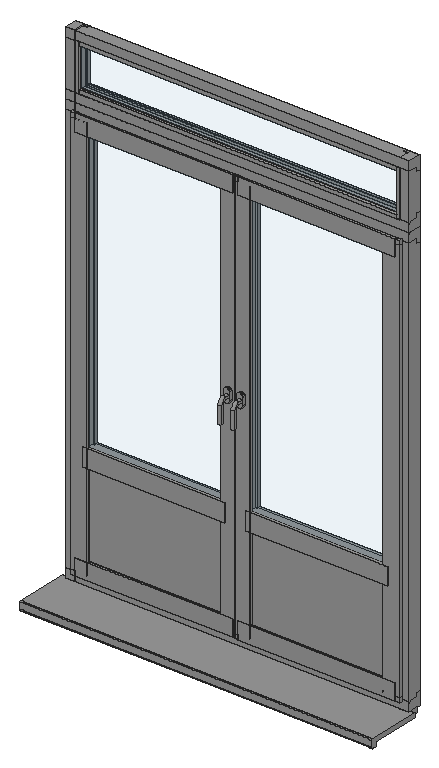
Revit family "deceuninck_balkonnaya_dver_dvustvorchataya_s_framugoi_sverhu", category Windows, host Wall, Revit 2016 (continued)
Definition of nested family "stvorka"
  Dimensions and locks
    aligned and locked: plane 1 "По центру (Вперед/Назад)" to Extrusion 11 sketch curve
    aligned and locked: Extrusion 12 sketch curve to Extrusion 11
    aligned and locked: Extrusion 12 sketch curve to plane 11
    aligned and locked: Extrusion 12 sketch curve to Extrusion 9  (x2)
    aligned and locked: Extrusion 10 to Extrusion 12 sketch curve
    aligned and locked: Extrusion 12 sketch curve to plane 12
    aligned and locked: plane 7 to Extrusion 12
    aligned and locked: plane 7 to Extrusion 11
    aligned and locked: Extrusion 13 sketch curve to Extrusion 11  (x4)
    aligned and locked: Extrusion 13 to Extrusion 10  (x2)
    aligned and locked: Extrusion 14 sketch curve to plane 1 "По центру (Вперед/Назад)"  (x2)
    aligned and locked: Extrusion 14 sketch curve to plane 11
    aligned and locked: Extrusion 14 sketch curve to plane 12
    aligned and locked: plane 7 to Extrusion 14
    aligned and locked: Extrusion 15 sketch curve to Extrusion 10
    aligned and locked: plane 7 to Extrusion 15 sketch curve
    aligned and locked: plane 2 to Extrusion 15 sketch curve
    aligned and locked: plane 1 "По центру (Вперед/Назад)" to Extrusion 15 sketch curve
    aligned and locked: curve 10 to plane 24
    aligned and locked: Extrusion 5 to Extrusion 1
    aligned and locked: plane 12 to Extrusion 15
    aligned and locked: Extrusion 9 to Extrusion 1  (x2)
    aligned and locked: Extrusion 15 sketch curve to Extrusion 9  (x2)
    aligned and locked: Extrusion 14 to Extrusion 1  (x2)
  Automatic sketch dimensions
    curve 4 to plane 19 = 0 mm
    curve 1 to plane 17 = 0 mm
    curve 1 to plane 19 = 0 mm
    curve 3 to plane 19 = 0 mm
    curve 6 to plane 3 "По центру (Влево/Вправо)" = 0 mm
    curve 9 to plane 3 "По центру (Влево/Вправо)" = 0 mm
    curve 8 to plane 3 "По центру (Влево/Вправо)" = 0 mm
    plane 21 to curve 8 = 0 mm
    curve 4 to plane 17 = 0 mm
    plane 21 to curve 4 = 0 mm
    plane 21 to curve 2 = 0 mm
    curve 7 to plane 23 = 0 mm
    curve 5 to plane 23 = 0 mm
    curve 2 to plane 23 = 0 mm
    curve 8 to plane 22 = 0 mm
    curve 3 to plane 22 = 0 mm
    curve 6 to plane 22 = 0 mm
    Extrusion 1 sketch curve to plane 19 = 0 mm
    Extrusion 1 sketch curve to plane 21 = 0 mm
    plane 10 to Extrusion 1 sketch curve = 0 mm
    Extrusion 1 sketch curve to Extrusion 1 sketch curve = 20 mm  (x2)
    Extrusion 1 sketch curve to plane 19 = 3 mm
    Extrusion 1 sketch curve to plane 21 = 3 mm
    Extrusion 2 sketch curve to plane 9 = 0 mm
    plane 8 to Extrusion 2 sketch curve = 0 mm
    Extrusion 3 sketch curve to plane 10 = 0 mm
    Extrusion 3 sketch curve to plane 23 = 0 mm
    plane 22 to Extrusion 3 sketch curve = 0 mm
    Extrusion 3 sketch curve to plane 23 = 3 mm
    Extrusion 3 sketch curve to plane 22 = 3 mm
    plane 20 to Extrusion 5 sketch curve = 0 mm
    Extrusion 5 sketch curve to plane 18 = 0 mm
    plane 9 to Extrusion 9 sketch curve = 10 mm
    plane 13 to Extrusion 9 sketch curve = 5 mm
    plane 13 to Extrusion 9 sketch curve = 8 mm
    plane 16 to Extrusion 9 sketch curve = 8 mm
    plane 16 to Extrusion 9 sketch curve = 5 mm
    plane 4 to Extrusion 12 sketch curve = 5.643 mm
    plane 4 to Extrusion 12 sketch curve = 8 mm
    Extrusion 12 sketch curve to plane 5 = 8 mm
    Extrusion 12 sketch curve to plane 5 = 5 mm
    plane 9 to Extrusion 9 sketch curve = 3 mm  (x2)
    Extrusion 3 sketch curve to plane 22 = 20 mm
    Extrusion 3 sketch curve to plane 23 = 20 mm
    plane 9 to Extrusion 14 sketch curve = 3 mm  (x2)
    plane 9 to Extrusion 10 sketch curve = 10 mm
    Extrusion 10 sketch curve to Extrusion 10 sketch curve = 3 mm
    Extrusion 10 sketch curve to plane 13 = 2 mm
    Extrusion 10 sketch curve to plane 16 = 2 mm
    plane 1 "По центру (Вперед/Назад)" to Extrusion 11 sketch curve = 0 mm
    plane 4 to Extrusion 11 sketch curve = 8 mm  (x2)
    Extrusion 11 sketch curve to plane 5 = 8 mm  (x2)
  Nested families
    nested 1: "ruchka" at (-269.5, -58, 750) x (1, 0, 0) z (0, -1, 0), visible <- "Ручка слева", type "ruchka", detail levels fine
    nested 2: "ruchka" at (269.5, -58, 750) x (1, 0, 0) z (0, -1, 0), visible <- "Ручка справа", Маериал.Ручка <- "Материал.Профиль", type "ruchka", detail levels fine
    nested 3: "ruchka" at (0, -58, 30.5) x (0, 0, 1) z (0, -1, 0), visible <- "Ручка снизу", Маериал.Ручка <- "Материал.Профиль", type "ruchka", detail levels fine
    nested 4: "ruchka" at (0, -58, 1469.5) x (0, 0, 1) z (0, -1, 0), visible <- "Ручка сверху.", Маериал.Ручка <- "Материал.Профиль", type "ruchka", detail levels fine
  Definition of nested family "ruchka"
    Parameters (values of type "ruchka")
      Watermarked By = ""
      Type Comments = "﻿﻿﻿                          ​       ​     ​         ﻿ ﻿ ﻿ ﻿     ﻿ ﻿                        ​ ﻿               ​   ​                     ​     ​ ﻿     ​     ﻿       ​      ﻿﻿﻿"
      Keynote = "﻿﻿﻿                          ​       ​     ​         ﻿ ﻿ ﻿ ﻿     ﻿ ﻿                        ​ ﻿               ​   ​                     ​     ​ ﻿     ​     ﻿       ​      ﻿﻿﻿"
      Description = "﻿﻿﻿                          ​       ​     ​         ﻿ ﻿ ﻿ ﻿     ﻿ ﻿                        ​ ﻿               ​   ​                     ​     ​ ﻿     ​     ﻿       ​      ﻿﻿﻿"
      Default Elevation = 1219.2 mm
      Маериал.Ручка [instance] = none
      Assembly Code = "﻿﻿﻿                          ​       ​     ​         ﻿ ﻿ ﻿ ﻿     ﻿ ﻿                        ​ ﻿               ​   ​                     ​     ​ ﻿     ​     ﻿       ​      ﻿﻿﻿"
      Analytic Construction = "<Нет>"
    Reference planes
      plane 1 "По центру (Вперед/Назад)": y = 0
      plane 2: z = 0
      plane 3 "По центру (Влево/Вправо)": x = 0
    Forms (mm)
      Extrusion 1, solid
        sketch origin (0, 0, 0) x (1, 0, 0) y (0, 1, 0)
          loop
            line (-1219.2, 1219.2) -> (-1219.2, -1219.2) -> (1219.2, -1219.2) -> (1219.2, 1219.2) -> (-1219.2, 1219.2)
        from 0 to -304.8
      Extrusion 2, solid, material <- "Маериал.Ручка"
        sketch origin (-1, 0, 0) x (0, -1, 0) y (1, 0, 0)
          loop
            arc (-18, 15) -> (-32, 1) -> (-18, -13) r 14
            line (-18, -13) -> (18, -13)
            arc (18, -13) -> (32, 1) -> (18, 15) r 14
            line (18, 15) -> (-18, 15)
        from 0 to 10
      Sweep 3, solid, material <- "Маериал.Ручка"
        path origin (0, 0, 0) x (0, -1, 0) y (0, 0, 1)
          loop
            line (0, 10) -> (0, 30)
            arc (0, 30) -> (7.903, 42.097) -> (20, 50) r 35.203
            line (20, 50) -> (100, 50)
        profile origin (0, 0, 20) x (0, 1, 0) y (-1, 0, 0)
          loop
            line (0, 7) -> (-7, 7) -> (-7, -7) -> (0, -7)
            arc (0, -7) -> (7, 0) -> (0, 7) r 7
    Dimensions and locks
      aligned and locked: plane 2 to Extrusion 1
      aligned and locked: level to Extrusion 1
Definition of nested family "ugo_dver_2-stv"
  Parameters (values of type "ugo_dver")
    Ширина профиля [instance] = 58 mm
    Ширина проема [instance] = Рама.Ширина + Монтажный зазор.Слева + Монтажный зазор.Справа  # 1640 mm
    Ширина полотна_линия.Правая [instance] = Ширина проема - Створка левая.Ширина - Монтажный зазор.Слева  # 920 mm
    Ширина полотна_линия.Левая [instance] = Ширина проема - Створка правая.Ширина - Монтажный зазор.Справа  # 720 mm
    Ширина полотна.Правая [instance] = Рама.Ширина - (Высота профиля - 20 mm + Створка левая.Ширина)  # 850 mm
    Ширина полотна.Левая [instance] = Рама.Ширина - (Высота профиля - 20 mm + Створка правая.Ширина)  # 650 mm
    Толщина полотна = 62.361 mm
    Створка правая.Ширина [instance] = 900 mm
    Створка левая.Ширина [instance] = Рама.Ширина - Створка правая.Ширина  # 700 mm
    Рама.Ширина [instance] = 1600 mm
    Открывание 90° [instance] = not(Открывание 30°)  # no
    Открывание 30° [instance] = yes
    Монтажный зазор.Справа [instance] = 20 mm
    Монтажный зазор.Слева [instance] = 20 mm
    Высота профиля = 70 mm
    Watermarked By = ""
    Type Comments = "﻿﻿                                               ﻿                     ﻿    ﻿ ​                         ﻿           ﻿    ​​          ​​﻿           ​​   ​        ​     ﻿    ﻿﻿"
    Keynote = "﻿﻿                                               ﻿                     ﻿    ﻿ ​                         ﻿           ﻿    ​​          ​​﻿           ​​   ​        ​     ﻿    ﻿﻿"
    Description = "﻿﻿                                               ﻿                     ﻿    ﻿ ​                         ﻿           ﻿    ​​          ​​﻿           ​​   ​        ​     ﻿    ﻿﻿"
    Assembly Code = "﻿﻿                                               ﻿                     ﻿    ﻿ ​                         ﻿           ﻿    ​​          ​​﻿           ​​   ​        ​     ﻿    ﻿﻿"
  Reference planes
    plane 1 "По центру (Вперед/Назад)": y = 0
    plane 2: z = 0
    plane 3 "По центру (Влево/Вправо)": x = 0
    plane 4: x = -730
    plane 5: x = 800
    plane 6: x = -800
    plane 7: x = 730
    plane 8: x = -820
    plane 9: x = 820
    plane 10: y = -29
    plane 11: y = 29
    plane 12: x = -100
  Lines and regions (mm)
    Masking region 1, in view "Опорный уровень", detail levels fine
      outline origin (0, 0, 0) x (1, 0, 0) y (0, 1, 0)
        loop
          line (-730, 29) -> (-820, 29) -> (-820, -29) -> (-750, -29) -> (-750, 16) -> (-730, 16) -> (-730, 29)
        loop
          line (730, 29) -> (730, 16) -> (750, 16) -> (750, -29) -> (820, -29) -> (820, 29) -> (730, 29)
    Masking region 2, in view "Опорный уровень", visible <- "Открывание 90°", detail levels fine
      outline origin (-215.849, -372.941, 0) x (0.360801, -0.932643, 0) y (0.932643, 0.360801, 0)
        loop
          line (-513.496, -374.078) -> (92.721, -608.599) -> (107.153, -571.293) -> (-499.064, -336.772) -> (-513.496, -374.078)
    Masking region 3, in view "Опорный уровень", visible <- "Открывание 30°", detail levels fine
      outline origin (24.937, -102.113, 0) x (0.988093, -0.153858, 0) y (0.153858, 0.988093, 0)
        loop
          line (-776.959, -46.988) -> (-170.741, -281.509) -> (-156.309, -244.203) -> (-762.527, -9.683) -> (-776.959, -46.988)
    Masking region 4, in view "Опорный уровень", visible <- "Открывание 30°", detail levels fine
      outline origin (-4.937, -136.754, 0) x (-0.153858, 0.988093, 0) y (-0.988093, -0.153858, 0)
        loop
          line (-9.683, -762.527) -> (27.623, -748.095) -> (-279.058, 44.651) -> (-316.364, 30.219) -> (-9.683, -762.527)
    Masking region 5, in view "Опорный уровень", visible <- "Открывание 90°", detail levels fine
      outline origin (1244.151, -372.941, 0) x (0.360801, -0.932643, 0) y (0.932643, 0.360801, 0)
        loop
          line (-513.496, -374.078) -> (279.25, -680.759) -> (293.682, -643.453) -> (-499.064, -336.772) -> (-513.496, -374.078)
    detail lines, in view "Опорный уровень", detail levels fine
      curve 1: line (-800, 29, 0) -> (-800, -29, 0)
      curve 2: line (800, -29, 0) -> (800, 29, 0)
    detail lines, in view "Опорный уровень", visible <- "Открывание 90°", detail levels coarse+medium
      curve 3: line (-820, -29, 0) -> (-820, -749, 0)
      curve 4: arc (-820, -749, 0) -> (-310.883, -538.117, 0) -> (-100, -29, 0) r 720
      curve 8: line (820, -29, 0) -> (820, -949, 0)
      curve 9: arc (-100, -29, 0) -> (169.462, -679.538, 0) -> (820, -949, 0) r 920
    detail lines, in view "Опорный уровень", visible <- "Открывание 30°", detail levels coarse+medium
      curve 5: line (-820, -29, 0) -> (-196.462, -389, 0)
      curve 7: line (820, -29, 0) -> (23.257, -489, 0)
    detail lines, in view "Опорный уровень", visible <- "Открывание 90°", detail levels fine
      curve 6: arc (-750, -679, 0) -> (-290.381, -488.619, 0) -> (-100, -29, 0) r 650
      curve 10: arc (750, -879, 0) -> (148.959, -630.041, 0) -> (-100, -29, 0) r 850
  Dimensions and locks
    equal spacing: plane 6, plane 3 "По центру (Влево/Вправо)", plane 5
    "Высота профиля": plane 6 to plane 4
    "Высота профиля": plane 7 to plane 5
    "Монтажный зазор.Слева": plane 8 to plane 6
    "Монтажный зазор.Справа": plane 5 to plane 9
    equal spacing: plane 11, plane 1 "По центру (Вперед/Назад)", plane 10
    "Ширина профиля": plane 11 to plane 10
    locked: Masking region 1 sketch curve to Masking region 1 sketch curve at 13  (x2)
    locked: Masking region 1 sketch curve to Masking region 1 sketch curve at 20  (x2)
    locked: Masking region 2 sketch curve to Masking region 2 sketch curve at 40
    "Ширина полотна.Левая": Masking region 2 sketch curve to Masking region 2 sketch curve
    "Ширина полотна_линия.Левая": plane 10 to curve 3
    "Ширина полотна_линия.Левая": curve 5 to curve 5
    "Створка правая.Ширина": plane 12 to plane 5
    locked: Masking region 3 sketch curve to Masking region 3 sketch curve at 40
    "Ширина полотна.Левая": Masking region 3 sketch curve to Masking region 3 sketch curve
    "Рама.Ширина": plane 6 to plane 5
    locked: Masking region 4 sketch curve to Masking region 4 sketch curve at 40
    "Ширина полотна.Правая": Masking region 4 sketch curve to Masking region 4 sketch curve
    "Ширина полотна_линия.Правая": curve 7 to curve 7
    "Ширина полотна_линия.Правая": curve 8 to curve 8
    locked: Masking region 5 sketch curve to Masking region 5 sketch curve at 40
    "Ширина полотна.Правая": Masking region 5 sketch curve to Masking region 5 sketch curve
    "Ширина полотна.Правая": radius of curve 10
    locked: curve 5 to plane 10 (angle 30.00°)
    locked: Masking region 3 sketch curve to plane 10 (angle 30.00°)
    locked: plane 10 to Masking region 4 sketch curve (angle 30.00°)
    locked: plane 10 to curve 7 (angle 30.00°)
    aligned and locked: Masking region 1 sketch curve to plane 4
    aligned and locked: Masking region 1 sketch curve to plane 10  (x2)
    aligned and locked: Masking region 1 sketch curve to plane 11  (x2)
    aligned and locked: Masking region 1 sketch curve to plane 8
    aligned and locked: Masking region 1 sketch curve to plane 7
    aligned and locked: Masking region 1 sketch curve to plane 9
    aligned and locked: curve 1 to plane 6
    aligned and locked: plane 5 to curve 2
    aligned and locked: Masking region 2 to curve 6
    aligned and locked: plane 10 to Masking region 4 sketch curve
    aligned and locked: Masking region 1 to Masking region 4 sketch curve
    aligned and locked: curve 8 to curve 9
    aligned and locked: plane 10 to Masking region 5 sketch curve
    aligned and locked: Masking region 5 sketch curve to plane 10
    aligned and locked: Masking region 1 to Masking region 5 sketch curve
    aligned and locked: curve 10 to Masking region 5
    aligned and locked: plane 10 to curve 10
  Automatic sketch dimensions
    curve 3 to plane 8 = 0 mm
    curve 9 to plane 12 = 0 mm
    curve 6 to plane 12 = 0 mm
    plane 10 to curve 2 = 0 mm
    curve 1 to plane 10 = 0 mm
    curve 1 to plane 11 = 0 mm
    plane 11 to curve 2 = 0 mm
    Masking region 2 sketch curve to plane 10 = 0 mm  (x2)
    Masking region 2 sketch curve to plane 4 = 20 mm
    Masking region 3 sketch curve to plane 10 = 0 mm
    Masking region 3 sketch curve to plane 4 = 0 mm
